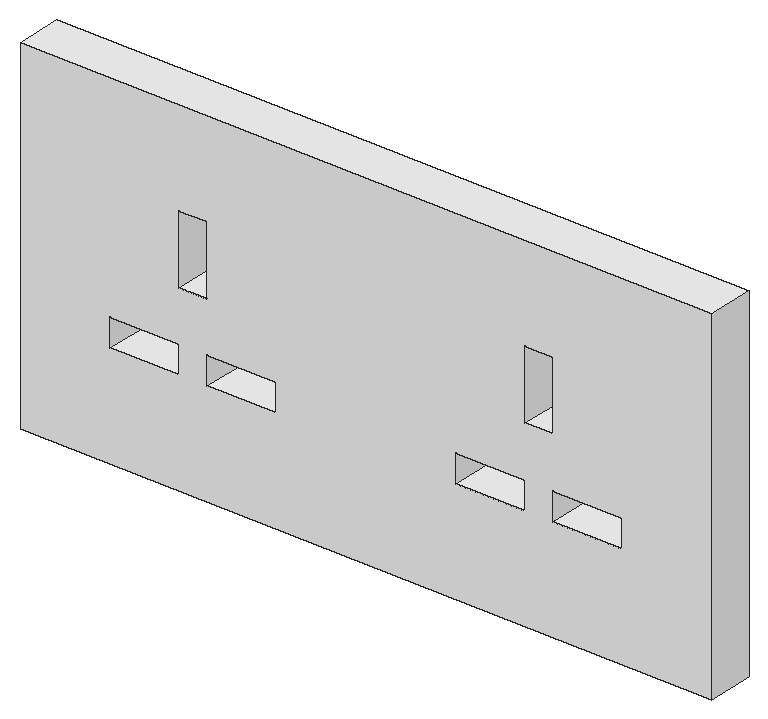
Revit family "OUT010(arch)", category Electrical Fixtures, Revit 2019
Family settings
  Maintain Annotation Orientation = No
  Round Connector Dimension = Use Diameter
  Part Type = Normal
  Work Plane-Based = No
  Always vertical = Yes
  Cut with Voids When Loaded = No
  Shared = No
  Room Calculation Point = No
Parameters
  Type Comments = "elec"
  Fixing Height [instance] = 1050 mm
  ADBGroup = "1"
  ADBDescription = "SOCKET outlet, switched, 13 amp, twin"
  ADBCode = "OUT010"
Reference planes
  plane 1 "Center (Front/Back)": y = 0
  plane 2: z = 0
  plane 3 "Center (Left/Right)": x = 0
  plane 4: z = 1050
Forms (mm)
  Extrusion 1, solid, material "Render Material 255-255-255"
    sketch origin (0, -47.935, 1012.5) x (1, 0, 0) y (0, 1, 0)
      loop
        line (-75, 47.935) -> (-75, 37.935) -> (75, 37.935) -> (75, 47.935) -> (-75, 47.935)
    from 0 to 75
  Extrusion 2, void
    sketch origin (0, 0, 1015.752) x (1, 0, 0) y (0, 0, 1)
      loop
        line (-40.5, 51.271) -> (-40.5, 36.271) -> (-34.5, 36.271) -> (-34.5, 51.271) -> (-40.5, 51.271)
      loop
        line (-40.5, 25.248) -> (-55.5, 25.248) -> (-55.5, 19.248) -> (-40.5, 19.248) -> (-40.5, 25.248)
      loop
        line (-19.5, 25.248) -> (-34.5, 25.248) -> (-34.5, 19.248) -> (-19.5, 19.248) -> (-19.5, 25.248)
      loop
        line (34.5, 51.271) -> (34.5, 36.271) -> (40.5, 36.271) -> (40.5, 51.271) -> (34.5, 51.271)
      loop
        line (34.5, 25.248) -> (19.5, 25.248) -> (19.5, 19.248) -> (34.5, 19.248) -> (34.5, 25.248)
      loop
        line (55.5, 25.248) -> (40.5, 25.248) -> (40.5, 19.248) -> (55.5, 19.248) -> (55.5, 25.248)
    from 0 to 10
Cuts and joins
  Extrusion 2 cuts Extrusion 1
Lines and regions (mm)
  symbolic lines
    curve 1: line (0, 0, 0) -> (0, -100, 0)
    curve 2: line (75, -100, 0) -> (-75, -100, 0)
    curve 3: arc (-75, -100, 0) -> (0, -175, 0) -> (75, -100, 0) r 75
    curve 4: arc (-40, -100, 0) -> (0, -140, 0) -> (40, -100, 0) r 40
    curve 5: line (0, -175, 0) -> (0, -230, 0)
    curve 6: circle (0, -190, 0) r 7.5 normal (0, 0, 1)
Dimensions and locks
  "Fixing Height": plane 4 to plane 2
  locked: cut or joined group of Extrusion 1, Extrusion 2 to plane 1 "Center (Front/Back)" at 10
  cut or joined group of Extrusion 1, Extrusion 2 to plane 3 "Center (Left/Right)" to cut or joined group of Extrusion 1, Extrusion 2 = 75 mm locked, 75 mm locked
  cut or joined group of Extrusion 1, Extrusion 2 to plane 4 to cut or joined group of Extrusion 1, Extrusion 2 = 37.5 mm locked, 37.5 mm locked
  aligned and locked: Extrusion 1 to Extrusion 2
  aligned and locked: Extrusion 1 to plane 1 "Center (Front/Back)"
Automatic sketch dimensions
  plane 1 "Center (Front/Back)" to Extrusion 1 sketch curve = 0 mm
  plane 1 "Center (Front/Back)" to Extrusion 1 sketch curve = 10 mm
  Extrusion 2 sketch curve to Extrusion 2 sketch curve = 15 mm  (x7)
  Extrusion 2 sketch curve to Extrusion 2 sketch curve = 0 mm  (x3)
  plane 4 to Extrusion 2 sketch curve = 2.023 mm  (x2)
  Extrusion 2 sketch curve to Extrusion 2 sketch curve = 6 mm  (x7)
  plane 3 "Center (Left/Right)" to Extrusion 2 sketch curve = 19.5 mm
  Extrusion 2 sketch curve to plane 4 = 9 mm  (x3)
  curve 3 to curve 4 = 0 mm
  curve 3 to plane 3 "Center (Left/Right)" = 0 mm
  plane 1 "Center (Front/Back)" to curve 3 = 100 mm
  plane 1 "Center (Front/Back)" to curve 1 = 0 mm
  curve 1 to plane 3 "Center (Left/Right)" = 0 mm
  curve 5 to plane 3 "Center (Left/Right)" = 0 mm
  curve 6 to plane 3 "Center (Left/Right)" = 0 mm
  curve 5 to curve 3 = 75 mm
  curve 6 to curve 5 = 15 mm
  curve 5 to curve 6 = 40 mm
  curve 1 to curve 3 = 0 mm
  plane 3 "Center (Left/Right)" to Extrusion 1 sketch curve = 75 mm
  curve 4 to plane 3 "Center (Left/Right)" = 40 mm
  curve 2 to curve 4 = 35 mm
  Extrusion 1 sketch curve to plane 3 "Center (Left/Right)" = 75 mm
  Extrusion 2 sketch curve to plane 3 "Center (Left/Right)" = 19.5 mm
  radius of curve 6 = 7.5 mm
